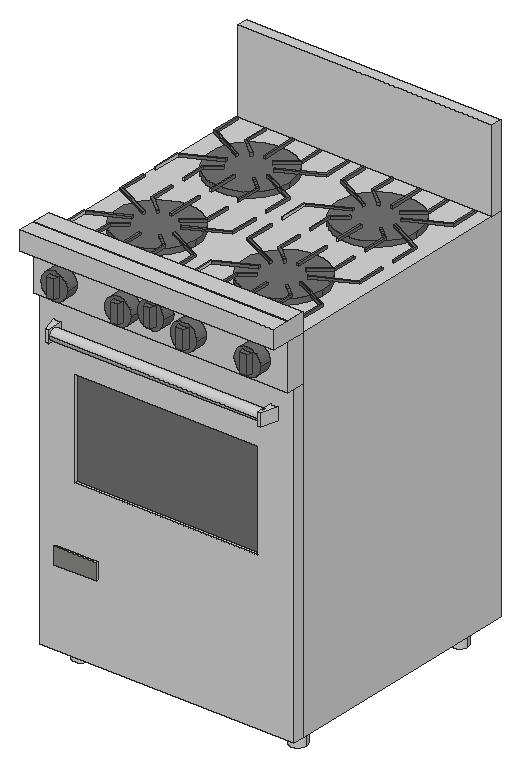
Revit family "Viking_Open_Burner_Range_4875", category Специальное оборудование, Revit 2016
Family settings
  Тип детали = Не определено
  Размер круглого соединителя = Использовать диаметр
  На основе рабочей плоскости = Нет
  Всегда вертикально = Да
  При загрузке вырезать с полостями = Нет
  Общий = Нет
  Точка расчета площади = Нет
Parameters
  Width = 1' - 11 7/8"
  Height = 3' - 1 5/8"
  Depth = 2' - 0 5/16"
Reference planes (in)
  plane 1 "Back": y = 0
  plane 2: z = 0
  plane 3 "Center (Left/Right)": x = 0.7377
  plane 4 "Left": x = -11.1998
  plane 5 "Right": x = 12.6752
  plane 6 "Front": y = -24.3125
  plane 7 "Top": z = 37.625
  plane 8: y = -23.3125
  plane 9: z = 1.75
  plane 10: z = 25.625
  plane 11: z = 43.625
Forms (in)
  Extrusion 1, solid
    sketch origin (0, 0, 0) x (1, 0, 0) y (0, 1, 0)
      loop
        line (-11.1998, -23.3125) -> (12.6752, -23.3125) -> (12.6752, 0) -> (-11.1998, 0) -> (-11.1998, -23.3125)
    from 1.75 to 35.89732
  Extrusion 2, solid
    sketch origin (0, 0, 0) x (1, 0, 0) y (0, 1, 0)
      loop
        line (-11.1998, -23.3125) -> (-11.1998, -24.3125) -> (12.6752, -24.3125) -> (12.6752, -23.3125) -> (-11.1998, -23.3125)
    from 1.75 to 31.625
  Extrusion 3, solid
    sketch origin (0, 0, 0) x (1, 0, 0) y (0, 1, 0)
      loop
        circle (-9.46866, -21.6166) r 0.75
      loop
        circle (10.94407, -21.6166) r 0.75
      loop
        circle (-9.46866, -2.6166) r 0.75
      loop
        circle (10.94407, -2.6166) r 0.75
    from 0 to 1.75
  Extrusion 4, solid
    sketch origin (0, -1.0625, 31.625) x (1, 0, 0) y (0, 1, 0)
      loop
        line (-11.1998, -22.25) -> (-11.1998, -24) -> (12.6752, -24) -> (12.6752, -22.25) -> (-11.1998, -22.25)
    from 0 to 6
  Extrusion 5, solid
    sketch origin (0, -1.0625, 31.14732) x (1, 0, 0) y (0, 1, 0)
      loop
        line (-11.1998, -22.25) -> (-11.1998, -25.60244) -> (12.6752, -25.60244) -> (12.6752, -22.25) -> (-11.1998, -22.25)
    from 4.75 to 6.47768
  Extrusion 6, solid
    sketch origin (0, 0, 0) x (1, 0, 0) y (0, 1, 0)
      loop
        line (-11.1998, 0) -> (-11.1998, -1) -> (12.6752, -1) -> (12.6752, 0) -> (-11.1998, 0)
    from 43.625 to 35.89732
  Extrusion 7, solid
    sketch origin (0.5, -25.09099, 31.39732) x (1, 0, 0) y (0, 0, 1)
      loop
        circle (-8.83824, 2.29736) r 1.25
    from 0 to 1.09099
  Extrusion 8, solid
    sketch origin (6.5, -25.09099, 31.39732) x (1, 0, 0) y (0, 0, 1)
      loop
        circle (-8.83824, 2.29736) r 1.25
    from 0 to 1.09099
  Extrusion 9, solid
    sketch origin (15.57594, -25.09099, 32.14732) x (1, 0, 0) y (0, 0, 1)
      loop
        circle (-14.83824, 2.29736) r 1.25
    from 0 to 1.09099
  Extrusion 10, solid
    sketch origin (-5.02459, -25.09099, 31.39732) x (-1, 0, 0) y (0, 0, -1)
      loop
        circle (-8.83824, -2.29736) r 1.25
    from 0 to 1.09099
  Extrusion 11, solid
    sketch origin (0, -1.09099, 31.39732) x (1, 0, 0) y (0, 1, 0)
      loop
        line (-8.7806, -25.09099) -> (-8.65119, -25.57395) -> (-8.02529, -25.57395) -> (-7.89588, -25.09099) -> (-8.7806, -25.09099)
    from 1.45406 to 3.21466
  Extrusion 12, solid
    sketch origin (6, -1.09099, 31.39732) x (1, 0, 0) y (0, 1, 0)
      loop
        line (-8.7806, -25.09099) -> (-8.65119, -25.57395) -> (-8.02529, -25.57395) -> (-7.89588, -25.09099) -> (-8.7806, -25.09099)
    from 1.45406 to 3.21466
  Extrusion 13, solid
    sketch origin (15.07594, -1.09099, 32.14732) x (1, 0, 0) y (0, 1, 0)
      loop
        line (-14.7806, -25.09099) -> (-14.65119, -25.57395) -> (-14.02529, -25.57395) -> (-13.89588, -25.09099) -> (-14.7806, -25.09099)
    from 1.45406 to 3.21466
  Extrusion 14, solid
    sketch origin (30.15189, -1.09099, 31.39732) x (1, 0, 0) y (0, 1, 0)
      loop
        line (-20.7806, -25.09099) -> (-20.65119, -25.57395) -> (-20.02529, -25.57395) -> (-19.89588, -25.09099) -> (-20.7806, -25.09099)
    from 1.45406 to 3.21466
  Extrusion 15, solid
    sketch origin (9.77282, 5.75, 7.14119) x (1, 0, 0) y (0, 1, 0)
      loop
        line (-19.5123, -30) -> (-19.5123, -30.25) -> (-15.5123, -30.25) -> (-15.5123, -30) -> (-19.5123, -30)
    from 1.86718 to 3.46723
  Extrusion 16, solid
    sketch origin (24.65189, -25.09099, 31.39732) x (1, 0, 0) y (0, 0, 1)
      loop
        circle (-14.83824, 2.29736) r 1.25
    from 0 to 1.09099
  Extrusion 17, solid
    sketch origin (-4.52459, -1.09099, 31.39732) x (-1, 0, 0) y (0, -1, 0)
      loop
        line (-8.7806, 25.09099) -> (-7.89588, 25.09099) -> (-8.02529, 25.57395) -> (-8.65119, 25.57395) -> (-8.7806, 25.09099)
    from 1.45406 to 3.21466
  Extrusion 18, solid
    sketch origin (3.27476, -1.01012, 23.23903) x (1, 0, 0) y (0, 1, 0)
      loop
        line (-12.48575, -24.79606) -> (-12.48575, -23.30238) -> (-13.15586, -23.30238) -> (-12.75563, -24.79606) -> (-12.48575, -24.79606)
      loop
        line (7.26425, -24.82581) -> (7.52914, -24.82581) -> (7.93734, -23.30238) -> (7.26425, -23.30238) -> (7.26425, -24.82581)
    from 5.15925 to 6.31716
  Sweep 19, solid
    path origin (3.19433, -1.0625, 23.98903) x (1, 0, 0) y (0, 1, 0)
      loop
        line (-12.40533, -24.16355) -> (7.34467, -24.16355)
    profile origin (0.66401, -25.22605, 23.98903) x (0, 1, 0) y (0, 0, 1)
      loop
        circle (0, 5) r 0.5
  Extrusion 20, void
    sketch origin (0, -1, 0) x (1, 0, 0) y (0, 1, 0)
      loop
        line (-7.96099, -23.3125) -> (9.28901, -23.3125) -> (9.28901, -23.0625) -> (-7.96099, -23.0625) -> (-7.96099, -23.3125)
    from 16.46759 to 25.625
Cuts and joins
  Extrusion 20 cuts Extrusion 1
  Extrusion 20 cuts Extrusion 2
Lines and regions (in)
  model lines
    curve 1: line (-10.4498, -24.3125, 6.5) -> (11.9252, -24.3125, 6.5)
    curve 2: line (-10.4498, -24.3125, 6.5) -> (-10.4498, -24.3125, 30.875)
    curve 3: line (-10.4498, -24.3125, 30.875) -> (11.9252, -24.3125, 30.875)
    curve 4: line (11.9252, -24.3125, 30.875) -> (11.9252, -24.3125, 6.5)
    curve 5: line (1.8627, -24.3125, 4.5) -> (-0.3873, -24.3125, 4.5)
    curve 6: arc (-0.3873, -24.3125, 5.25) -> (-0.7623, -24.3125, 4.875) -> (-0.3873, -24.3125, 4.5) r 0.375
    curve 7: arc (1.8627, -24.3125, 5.25) -> (2.2377, -24.3125, 4.875) -> (1.8627, -24.3125, 4.5) r 0.375
    curve 8: line (1.8627, -24.3125, 5.25) -> (-0.3873, -24.3125, 5.25)
    curve 9: line (-2.1373, -24.3125, 4.5) -> (-4.3873, -24.3125, 4.5)
    curve 10: arc (-4.3873, -24.3125, 5.25) -> (-4.7623, -24.3125, 4.875) -> (-4.3873, -24.3125, 4.5) r 0.375
    curve 11: arc (-2.1373, -24.3125, 5.25) -> (-1.7623, -24.3125, 4.875) -> (-2.1373, -24.3125, 4.5) r 0.375
    curve 12: line (-2.1373, -24.3125, 5.25) -> (-4.3873, -24.3125, 5.25)
    curve 13: line (-6.1373, -24.3125, 4.5) -> (-8.3873, -24.3125, 4.5)
    curve 14: arc (-8.3873, -24.3125, 5.25) -> (-8.7623, -24.3125, 4.875) -> (-8.3873, -24.3125, 4.5) r 0.375
    curve 15: arc (-6.1373, -24.3125, 5.25) -> (-5.7623, -24.3125, 4.875) -> (-6.1373, -24.3125, 4.5) r 0.375
    curve 16: line (-6.1373, -24.3125, 5.25) -> (-8.3873, -24.3125, 5.25)
    curve 17: line (3.6127, -24.3125, 4.5) -> (5.8627, -24.3125, 4.5)
    curve 18: arc (5.8627, -24.3125, 5.25) -> (6.2377, -24.3125, 4.875) -> (5.8627, -24.3125, 4.5) r 0.375
    curve 19: arc (3.6127, -24.3125, 5.25) -> (3.2377, -24.3125, 4.875) -> (3.6127, -24.3125, 4.5) r 0.375
    curve 20: line (3.6127, -24.3125, 5.25) -> (5.8627, -24.3125, 5.25)
    curve 21: line (7.6127, -24.3125, 4.5) -> (9.8627, -24.3125, 4.5)
    curve 22: arc (9.8627, -24.3125, 5.25) -> (10.2377, -24.3125, 4.875) -> (9.8627, -24.3125, 4.5) r 0.375
    curve 23: arc (7.6127, -24.3125, 5.25) -> (7.2377, -24.3125, 4.875) -> (7.6127, -24.3125, 4.5) r 0.375
    curve 24: line (7.6127, -24.3125, 5.25) -> (9.8627, -24.3125, 5.25)
    curve 25: line (1.8627, -24.3125, 3) -> (-0.3873, -24.3125, 3)
    curve 26: arc (-0.3873, -24.3125, 3.75) -> (-0.7623, -24.3125, 3.375) -> (-0.3873, -24.3125, 3) r 0.375
    curve 27: arc (1.8627, -24.3125, 3.75) -> (2.2377, -24.3125, 3.375) -> (1.8627, -24.3125, 3) r 0.375
    curve 28: line (1.8627, -24.3125, 3.75) -> (-0.3873, -24.3125, 3.75)
    curve 29: line (-2.1373, -24.3125, 3) -> (-4.3873, -24.3125, 3)
    curve 30: arc (-4.3873, -24.3125, 3.75) -> (-4.7623, -24.3125, 3.375) -> (-4.3873, -24.3125, 3) r 0.375
    curve 31: arc (-2.1373, -24.3125, 3.75) -> (-1.7623, -24.3125, 3.375) -> (-2.1373, -24.3125, 3) r 0.375
    curve 32: line (-2.1373, -24.3125, 3.75) -> (-4.3873, -24.3125, 3.75)
    curve 33: line (-6.1373, -24.3125, 3) -> (-8.3873, -24.3125, 3)
    curve 34: arc (-8.3873, -24.3125, 3.75) -> (-8.7623, -24.3125, 3.375) -> (-8.3873, -24.3125, 3) r 0.375
    curve 35: arc (-6.1373, -24.3125, 3.75) -> (-5.7623, -24.3125, 3.375) -> (-6.1373, -24.3125, 3) r 0.375
    curve 36: line (-6.1373, -24.3125, 3.75) -> (-8.3873, -24.3125, 3.75)
    curve 37: line (3.6127, -24.3125, 3) -> (5.8627, -24.3125, 3)
    curve 38: arc (5.8627, -24.3125, 3.75) -> (6.2377, -24.3125, 3.375) -> (5.8627, -24.3125, 3) r 0.375
    curve 39: arc (3.6127, -24.3125, 3.75) -> (3.2377, -24.3125, 3.375) -> (3.6127, -24.3125, 3) r 0.375
    curve 40: line (3.6127, -24.3125, 3.75) -> (5.8627, -24.3125, 3.75)
    curve 41: line (7.6127, -24.3125, 3) -> (9.8627, -24.3125, 3)
    curve 42: arc (9.8627, -24.3125, 3.75) -> (10.2377, -24.3125, 3.375) -> (9.8627, -24.3125, 3) r 0.375
    curve 43: arc (7.6127, -24.3125, 3.75) -> (7.2377, -24.3125, 3.375) -> (7.6127, -24.3125, 3) r 0.375
    curve 44: line (7.6127, -24.3125, 3.75) -> (9.8627, -24.3125, 3.75)
    curve 45: line (-10.4498, -24.3125, 6.5) -> (-10.4498, -24.3125, 1.75)
    curve 46: line (11.9252, -24.3125, 6.5) -> (11.9252, -24.3125, 1.75)
Dimensions and locks (in)
  "Depth": plane 6 "Front" to plane 1 "Back"
  "Width": plane 4 "Left" to plane 5 "Right"
  equal spacing: plane 4 "Left", plane 3 "Center (Left/Right)", plane 5 "Right"
  "Height": level to plane 7 "Top"
  aligned and locked: Extrusion 6 to Extrusion 1
Automatic sketch dimensions
  Extrusion 1 sketch curve to plane 1 "Back" = 0' - 0"
  Extrusion 1 sketch curve to plane 4 "Left" = 0' - 0"
  Extrusion 1 sketch curve to plane 5 "Right" = 0' - 0"
  Extrusion 1 sketch curve to plane 8 = 0' - 0"
  Extrusion 2 sketch curve to plane 4 "Left" = 0' - 0"
  Extrusion 2 sketch curve to plane 5 "Right" = 0' - 0"
  Extrusion 2 sketch curve to plane 6 "Front" = 0' - 0"
  Extrusion 2 sketch curve to Extrusion 2 sketch curve = 0' - 1"
  Extrusion 3 sketch curve to plane 4 "Left" = 0' - 1.73114"  (x2)
  plane 5 "Right" to Extrusion 3 sketch curve = 0' - 1.73114"  (x2)
  Extrusion 3 sketch curve to plane 6 "Front" = 0' - 2.6959"  (x2)
  plane 1 "Back" to Extrusion 3 sketch curve = 0' - 2.6166"  (x2)
  Extrusion 4 sketch curve to plane 4 "Left" = 0' - 0"
  Extrusion 4 sketch curve to plane 5 "Right" = 0' - 0"
  plane 6 "Front" to Extrusion 4 sketch curve = 0' - 0 3/4"
  Extrusion 4 sketch curve to plane 6 "Front" = 0' - 1"
  Extrusion 5 sketch curve to plane 4 "Left" = 0' - 0"
  Extrusion 5 sketch curve to plane 5 "Right" = 0' - 0"
  plane 6 "Front" to Extrusion 5 sketch curve = 0' - 2.35244"
  Extrusion 5 sketch curve to plane 6 "Front" = 0' - 1"
  Extrusion 6 sketch curve to plane 1 "Back" = 0' - 0"
  Extrusion 6 sketch curve to plane 4 "Left" = 0' - 0"
  Extrusion 6 sketch curve to plane 5 "Right" = 0' - 0"
  Extrusion 6 sketch curve to Extrusion 6 sketch curve = 0' - 1"
  Extrusion 7 sketch curve to plane 4 "Left" = 0' - 2.86156"
  Extrusion 8 sketch curve to plane 3 "Center (Left/Right)" = 0' - 3.07594"
  Extrusion 9 sketch curve to plane 3 "Center (Left/Right)" = 0' - 0"
  Extrusion 10 sketch curve to plane 3 "Center (Left/Right)" = 0' - 3.07594"
  Extrusion 11 sketch curve to plane 4 "Left" = 0' - 2.4192"
  Extrusion 11 sketch curve to Extrusion 11 sketch curve = 0' - 0.12941"  (x2)
  Extrusion 11 sketch curve to Extrusion 11 sketch curve = 0' - 0.6259"
  plane 6 "Front" to Extrusion 11 sketch curve = 0' - 2.35244"
  Extrusion 11 sketch curve to Extrusion 11 sketch curve = 0' - 0.48296"
  Extrusion 12 sketch curve to plane 3 "Center (Left/Right)" = 0' - 3.5183"
  Extrusion 12 sketch curve to Extrusion 12 sketch curve = 0' - 0.12941"  (x2)
  Extrusion 12 sketch curve to Extrusion 12 sketch curve = 0' - 0.6259"
  plane 6 "Front" to Extrusion 12 sketch curve = 0' - 2.35244"
  Extrusion 12 sketch curve to Extrusion 12 sketch curve = 0' - 0.48296"
  Extrusion 13 sketch curve to plane 3 "Center (Left/Right)" = 0' - 0.44236"
  Extrusion 13 sketch curve to plane 3 "Center (Left/Right)" = 0' - 0.31295"
  plane 3 "Center (Left/Right)" to Extrusion 13 sketch curve = 0' - 0.31295"
  plane 3 "Center (Left/Right)" to Extrusion 13 sketch curve = 0' - 0.44236"
  plane 6 "Front" to Extrusion 13 sketch curve = 0' - 2.35244"
  Extrusion 13 sketch curve to Extrusion 13 sketch curve = 0' - 0.48296"
  plane 5 "Right" to Extrusion 14 sketch curve = 0' - 3.30392"
  Extrusion 14 sketch curve to Extrusion 14 sketch curve = 0' - 0.12941"  (x2)
  Extrusion 14 sketch curve to Extrusion 14 sketch curve = 0' - 0.6259"
  plane 6 "Front" to Extrusion 14 sketch curve = 0' - 2.35244"
  Extrusion 14 sketch curve to Extrusion 14 sketch curve = 0' - 0.48296"
  Extrusion 15 sketch curve to plane 6 "Front" = 0' - 0 1/16"
  Extrusion 15 sketch curve to plane 4 "Left" = 0' - 1.46032"
  plane 6 "Front" to Extrusion 15 sketch curve = 0' - 0 3/16"
  Extrusion 15 sketch curve to plane 3 "Center (Left/Right)" = 0' - 6.47718"
  plane 5 "Right" to Extrusion 16 sketch curve = 0' - 2.86156"
  plane 3 "Center (Left/Right)" to Extrusion 17 sketch curve = 0' - 3.5183"
  Extrusion 17 sketch curve to Extrusion 17 sketch curve = 0' - 0.12941"  (x2)
  Extrusion 17 sketch curve to Extrusion 17 sketch curve = 0' - 0.6259"
  plane 6 "Front" to Extrusion 17 sketch curve = 0' - 1.86947"
  Extrusion 17 sketch curve to Extrusion 17 sketch curve = 0' - 0.48296"
  Extrusion 18 sketch curve to plane 4 "Left" = 0' - 1.31869"
  plane 6 "Front" to Extrusion 18 sketch curve = 0' - 1.49369"
  Extrusion 18 sketch curve to plane 4 "Left" = 0' - 1.71893"
  Extrusion 18 sketch curve to Extrusion 18 sketch curve = 0' - 0.67011"
  plane 6 "Front" to Extrusion 18 sketch curve = 0' - 1 67/128"
  plane 5 "Right" to Extrusion 18 sketch curve = 0' - 2.1362"
  Extrusion 18 sketch curve to Extrusion 18 sketch curve = 0' - 0.26489"
  Extrusion 18 sketch curve to plane 6 "Front" = 0' - 0"  (x2)
  Extrusion 18 sketch curve to Extrusion 18 sketch curve = 0' - 0.67309"
  Sweep 19 sketch curve to profile plane = 0' - 0"
  profile plane to Sweep 19 sketch curve = 0' - 5"
  plane 6 "Front" to Sweep 19 sketch curve = 0' - 0.91355"
  Sweep 19 sketch curve to plane 4 "Left" = 0' - 1.9888"
  plane 5 "Right" to Sweep 19 sketch curve = 0' - 2.1362"
  plane 10 to Extrusion 7 sketch curve = 0' - 8.06968"
  plane 10 to Extrusion 8 sketch curve = 0' - 8.06968"
  plane 10 to Extrusion 9 sketch curve = 0' - 8.81968"
  Extrusion 10 sketch curve to plane 10 = 0' - 8.06968"
  plane 10 to Extrusion 16 sketch curve = 0' - 8.06968"
  Extrusion 20 sketch curve to plane 6 "Front" = 0' - 0 1/4"
  Extrusion 20 sketch curve to plane 4 "Left" = 0' - 3.2388"
  Extrusion 20 sketch curve to plane 6 "Front" = 0' - 0"
  plane 5 "Right" to Extrusion 20 sketch curve = 0' - 3.3862"
  curve 45 to plane 9 = 0' - 0"
  curve 46 to plane 9 = 0' - 0"
  curve 45 to plane 4 "Left" = 0' - 0 3/4"
  curve 1 to curve 14 = 0' - 2 1/16"
  curve 34 to curve 14 = 0' - 0"
  curve 13 to curve 15 = 0' - 2 1/4"
  curve 36 to curve 13 = 0' - 0"
  plane 9 to curve 30 = 0' - 1 1/4"
  curve 33 to curve 30 = 0' - 1 3/4"
  curve 12 to curve 32 = 0' - 0"
  curve 29 to curve 29 = 0' - 2 1/4"
  curve 11 to curve 32 = 0' - 0"
  curve 26 to plane 3 "Center (Left/Right)" = 0' - 1 1/8"
  curve 5 to curve 28 = 0' - 0"
  plane 3 "Center (Left/Right)" to curve 7 = 0' - 1 1/8"
  curve 28 to curve 5 = 0' - 0"
  plane 9 to curve 37 = 0' - 1 1/4"
  curve 25 to curve 37 = 0' - 1 3/4"
  curve 19 to curve 39 = 0' - 0"
  curve 19 to curve 18 = 0' - 2 1/4"
  curve 38 to curve 17 = 0' - 0"
  curve 38 to curve 43 = 0' - 1 3/4"
  curve 23 to curve 43 = 0' - 0"
  curve 24 to curve 24 = 0' - 2 1/4"
  plane 9 to curve 41 = 0' - 1 1/4"
  curve 41 to curve 22 = 0' - 0"
  plane 5 "Right" to curve 4 = 0' - 0 3/4"
  plane 9 to curve 25 = 0' - 1 1/4"
  plane 9 to curve 33 = 0' - 1 1/4"
  curve 33 to curve 35 = 0' - 0 3/8"
  curve 25 to curve 27 = 0' - 0 3/8"
  curve 43 to curve 43 = 0' - 0 3/8"
  curve 37 to curve 38 = 0' - 0 3/8"
  curve 29 to curve 30 = 0' - 0 3/8"
  curve 42 to curve 22 = 0' - 0 3/4"
  curve 28 to curve 5 = 0' - 0 3/4"
  curve 32 to curve 9 = 0' - 0 3/4"
  curve 39 to curve 19 = 0' - 0 3/4"
  curve 35 to curve 13 = 0' - 0 3/4"
  curve 5 to curve 6 = 0' - 0 3/8"
  curve 17 to curve 18 = 0' - 0 3/8"
  curve 13 to curve 15 = 0' - 0 3/8"
  curve 21 to curve 22 = 0' - 0 3/8"
  curve 9 to curve 10 = 0' - 0 3/8"
  curve 24 to curve 4 = 0' - 1 1/4"
  plane 10 to curve 3 = 0' - 5 1/4"
  radius of Extrusion 3 sketch curve = 0' - 0 3/4"  (x4)
  radius of Extrusion 7 sketch curve = 0' - 1 1/4"
  radius of Extrusion 8 sketch curve = 0' - 1 1/4"
  radius of Extrusion 9 sketch curve = 0' - 1 1/4"
  radius of Extrusion 10 sketch curve = 0' - 1 1/4"
  radius of Extrusion 16 sketch curve = 0' - 1 1/4"
  radius of Sweep 19 sketch curve = 0' - 0 1/2"
Nested families (in)
  nested 1: "Burner" at (-17.15002, -7, 35.89732), type "Burner"
  nested 2: "Burner" at (-5.21252, -7, 35.89732), type "Burner"
  nested 3: "Burner" at (-5.21252, -18, 35.89732), type "Burner"
  nested 4: "Burner" at (-17.15002, -18, 35.89732), type "Burner"
Definition of nested family "Burner"
  Parameters
    Assembly Code = ""
  Reference planes (in)
    plane 1 "Center (Front/Back)": y = 0
    plane 2: z = 0
    plane 3 "Center (Left/Right)": x = 11.88772
    plane 4: y = 4
    plane 5: x = 15.88772
    plane 6: x = 7.88772
    plane 7: y = -4
    plane 8: z = 0.5
  Forms (in)
    Extrusion 1, solid
      sketch origin (0, 0, 0) x (1, 0, 0) y (0, 1, 0)
        loop
          circle (11.88772, 0) r 3.70588
      from 0 to 0.5
    Extrusion 2, solid
      sketch origin (0, 0, 0) x (1, 0, 0) y (0, 1, 0)
        loop
          line (6.58442, -4.64039) -> (6.75015, -4.64039) -> (6.75015, -2.09116) -> (9.95941, -0.48653)
          arc (9.95941, -0.48653) -> (9.94023, -0.40295) -> (9.92467, -0.31861) r 1.98874
          line (9.92467, -0.31861) -> (6.58442, -1.98874) -> (6.58442, -4.64039)
        loop
          line (11.97058, -4.64039) -> (11.97058, -1.98701)
          arc (11.97058, -1.98701) -> (11.88772, -1.98874) -> (11.80486, -1.98701) r 1.98874
          line (11.80486, -1.98701) -> (11.80486, -4.64039) -> (11.97058, -4.64039)
        loop
          line (9.22348, -4.64039) -> (9.38921, -4.64039) -> (9.38921, -2.41506) -> (10.52732, -1.45066)
          arc (10.52732, -1.45066) -> (10.46791, -1.39256) -> (10.41097, -1.33202) r 1.98874
          line (10.41097, -1.33202) -> (9.22348, -2.33827) -> (9.22348, -4.64039)
        loop
          line (17.19102, -4.64039) -> (17.19102, -1.98874) -> (13.85077, -0.31861)
          arc (13.85077, -0.31861) -> (13.83521, -0.40295) -> (13.81603, -0.48653) r 1.98874
          line (13.81603, -0.48653) -> (17.02529, -2.09116) -> (17.02529, -4.64039) -> (17.19102, -4.64039)
        loop
          line (14.55196, -4.64039) -> (14.55196, -2.33827) -> (13.36447, -1.33202)
          arc (13.36447, -1.33202) -> (13.33633, -1.36257) -> (13.30756, -1.39253) r 1.98874
          arc (13.30756, -1.39253) -> (13.27814, -1.4219) -> (13.24812, -1.45066) r 1.98874
          line (13.24812, -1.45066) -> (14.38623, -2.41506) -> (14.38623, -4.64039) -> (14.55196, -4.64039)
        loop
          line (6.58442, 4.97184) -> (6.58442, 2.32019) -> (10.10894, 0.55793)
          arc (10.10894, 0.55793) -> (10.14758, 0.63134) -> (10.18924, 0.70307) r 1.98874
          line (10.18924, 0.70307) -> (6.75015, 2.42262) -> (6.75015, 4.97184) -> (6.58442, 4.97184)
        loop
          line (11.97058, 4.97184) -> (11.80486, 4.97184) -> (11.80486, 1.65555)
          arc (11.80486, 1.65555) -> (11.88772, 1.65728) -> (11.97058, 1.65555) r 1.98874
          line (11.97058, 1.65555) -> (11.97058, 4.97184)
        loop
          line (9.22348, 4.97184) -> (9.22348, 2.66972) -> (10.80025, 1.33362)
          arc (10.80025, 1.33362) -> (10.87472, 1.37995) -> (10.95117, 1.42295) r 1.98874
          line (10.95117, 1.42295) -> (9.38921, 2.74652) -> (9.38921, 4.97184) -> (9.22348, 4.97184)
        loop
          line (17.19102, 4.97184) -> (17.02529, 4.97184) -> (17.02529, 2.42262) -> (13.5862, 0.70307)
          arc (13.5862, 0.70307) -> (13.62786, 0.63134) -> (13.6665, 0.55793) r 1.98874
          line (13.6665, 0.55793) -> (17.19102, 2.32019) -> (17.19102, 4.97184)
        loop
          line (14.55196, 4.97184) -> (14.38623, 4.97184) -> (14.38623, 2.74652) -> (12.82427, 1.42295)
          arc (12.82427, 1.42295) -> (12.90072, 1.37995) -> (12.9752, 1.33362) r 1.98874
          line (12.9752, 1.33362) -> (14.55196, 2.66972) -> (14.55196, 4.97184)
      from 0.5 to 0.70103
  Dimensions and locks (in)
    aligned and locked: plane 8 to Extrusion 1
